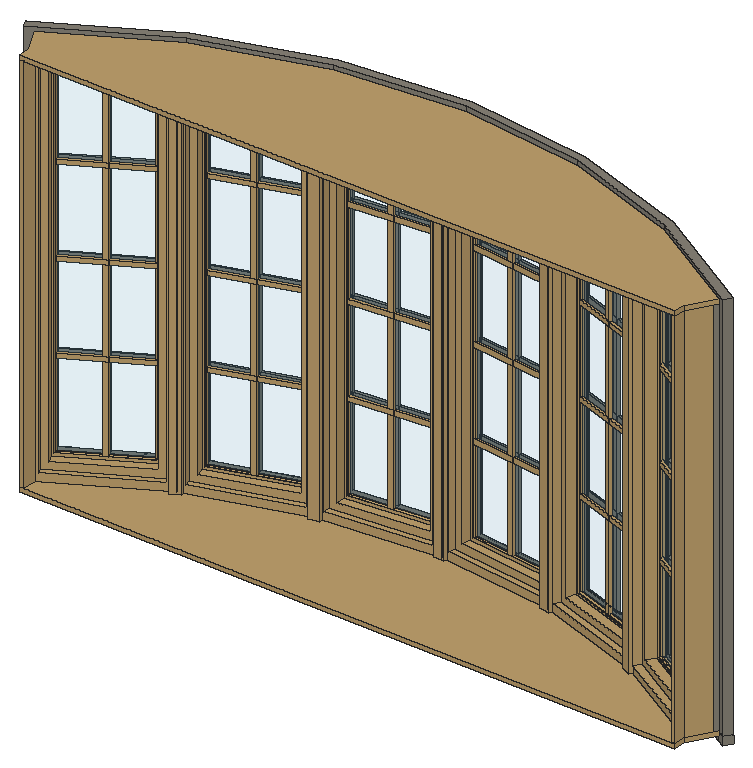
Revit family (continued)
Definition of nested family "Window-Casement-Marvin-Clad_Ultimate"
  Definition of nested family "Muntins"
    Dimensions and locks
      "GlazingWidth": plane 12 to plane 11
      equal spacing: plane 12, plane 3 "Center (Left/Right)", plane 11
      "MuntinWidth": Extrusion 1 sketch curve to Extrusion 1 sketch curve
      "Height": Extrusion 1 sketch curve to Extrusion 1 sketch curve
      "MuntinWidth": Extrusion 2 sketch curve to Extrusion 2 sketch curve
      "Width": Extrusion 2 sketch curve to Extrusion 2 sketch curve
      "MuntinWidth": Extrusion 3 sketch curve to Extrusion 3 sketch curve
      "Height": Extrusion 3 sketch curve to Extrusion 3 sketch curve
      "Width": plane 15 to plane 14
      equal spacing: plane 15, plane 3 "Center (Left/Right)", plane 14
      "Inset Vert": plane 13 to plane 14
      "Inset Vert": plane 15 to plane 16
      "MuntinWidth": Extrusion 4 sketch curve to Extrusion 4 sketch curve
      "Width": Extrusion 4 sketch curve to Extrusion 4 sketch curve
      "MuntinWidth": Extrusion 5 sketch curve to Extrusion 5 sketch curve
      "Width": Extrusion 5 sketch curve to Extrusion 5 sketch curve
      group 2 to group 3 = 0' - 0"  (x2)
      group 3 to group 2 = 0' - 11.85417"
      "MuntinWidth": Extrusion 6 sketch curve to Extrusion 6 sketch curve
      "Height": Extrusion 6 sketch curve to Extrusion 6 sketch curve
      group 4 to group 5 = 0' - 8.14583"
      group 4 to group 5 = 0' - 0"  (x2)
      "Prairie Corner Width": plane 19 to plane 11
      "Prairie Corner Width": plane 20 to plane 12
      "Prairie Corner Height": plane 9 to plane 17
      "Prairie Corner Height": plane 18 to plane 10
      "MuntinWidth": Extrusion 7 sketch curve to Extrusion 7 sketch curve
      "Height": Extrusion 7 sketch curve to Extrusion 7 sketch curve
      "MuntinWidth": Extrusion 8 sketch curve to Extrusion 8 sketch curve
      "Height": Extrusion 8 sketch curve to Extrusion 8 sketch curve
      "MuntinWidth": Extrusion 9 sketch curve to Extrusion 9 sketch curve
      "Width": Extrusion 9 sketch curve to Extrusion 9 sketch curve
      "MuntinWidth": Extrusion 10 sketch curve to Extrusion 10 sketch curve
      "Width": Extrusion 10 sketch curve to Extrusion 10 sketch curve
      aligned and locked: plane 6 to Extrusion 1  (x2)
      aligned and locked: Extrusion 1 to plane 4  (x3)
      aligned and locked: Extrusion 3 to plane 13  (x5)
      aligned and locked: Extrusion 3 to plane 4  (x3)
      aligned and locked: Extrusion 2 to plane 14
      aligned and locked: plane 15 to Extrusion 2
      aligned and locked: plane 6 to Extrusion 3
      aligned and locked: plane 7 to Extrusion 4
      aligned and locked: Extrusion 4 to plane 14
      aligned and locked: plane 15 to Extrusion 4
      aligned and locked: curve 1 to plane 5
      aligned and locked: plane 14 to curve 1
      aligned and locked: plane 15 to curve 1
      aligned and locked: Extrusion 5 to plane 14
      aligned and locked: Extrusion 5 to plane 8
      aligned and locked: plane 15 to Extrusion 5
      aligned and locked: Extrusion 5 to curve 3  (x2)
      aligned and locked: Extrusion 4 to curve 2  (x2)
      aligned and locked: curve 4 to plane 3 "Center (Left/Right)"
      aligned and locked: Extrusion 1 to curve 4  (x2)
      aligned and locked: Extrusion 3 to curve 5  (x2)
      aligned and locked: Extrusion 6 to curve 6  (x2)
      aligned and locked: Extrusion 6 to plane 16
      aligned and locked: plane 6 to Extrusion 6
      aligned and locked: plane 6 to curve 6
      aligned and locked: Extrusion 6 to plane 4
      aligned and locked: plane 4 to curve 6
      aligned and locked: cut or joined group of Extrusion 7, Extrusion 8, Extrusion 9, Extrusion 10 to plane 19
      aligned and locked: plane 20 to cut or joined group of Extrusion 7, Extrusion 8, Extrusion 9, Extrusion 10
      aligned and locked: plane 17 to cut or joined group of Extrusion 7, Extrusion 8, Extrusion 9, Extrusion 10
      aligned and locked: cut or joined group of Extrusion 7, Extrusion 8, Extrusion 9, Extrusion 10 to plane 18
      aligned and locked: cut or joined group of Extrusion 7, Extrusion 8, Extrusion 9, Extrusion 10 to curve 7  (x2)
      aligned and locked: cut or joined group of Extrusion 7, Extrusion 8, Extrusion 9, Extrusion 10 to curve 8  (x2)
      aligned and locked: cut or joined group of Extrusion 7, Extrusion 8, Extrusion 9, Extrusion 10 to curve 9  (x2)
      aligned and locked: cut or joined group of Extrusion 7, Extrusion 8, Extrusion 9, Extrusion 10 to curve 10  (x2)
    Automatic sketch dimensions
      Extrusion 1 sketch curve to plane 4 = 0' - 0"
      Extrusion 1 sketch curve to plane 3 "Center (Left/Right)" = 0' - 0 3/8"
      Extrusion 2 sketch curve to plane 14 = 0' - 0"
      Extrusion 2 sketch curve to plane 5 = 0' - 0 3/8"
      Extrusion 7 sketch curve to plane 4 = 0' - 0"
      Extrusion 7 sketch curve to plane 19 = 0' - 0"
      Extrusion 8 sketch curve to plane 4 = 0' - 0"
      Extrusion 8 sketch curve to plane 20 = 0' - 0 3/4"
      Extrusion 9 sketch curve to plane 14 = 0' - 0"
      Extrusion 9 sketch curve to plane 17 = 0' - 0 3/4"
      Extrusion 10 sketch curve to plane 14 = 0' - 0"
      Extrusion 10 sketch curve to plane 18 = 0' - 0"
      plane 19 to curve 9 = 0' - 0 3/8"
      curve 10 to plane 20 = 0' - 0 3/8"
      plane 18 to curve 8 = 0' - 0 3/8"
      curve 7 to plane 17 = 0' - 0 3/8"
Definition of nested family "Label Annotation 1-16 w4"
  Parameters
    Nominal Width = 6' - 10.31403"
    Nominal Height = 5' - 0 1/2"
    Label = ""
    Egress Info = "EGRESS WDW"
    Description = "CSMT BAY"
  Reference planes
    plane 1: y = 0
    plane 2: x = 0
  Text (mm)
    label "Nominal Width X  Nominal Height\n\nDescription\n\nEgress Info" at (0.095, -0.088, 0), shows "Nominal Width", "Nominal Height", "Description", "Egress Info"
Definition of nested family "Bow_Section_Detail"
  Parameters (values of type "Casement_Section_Detail")
    Height = 4' - 11 1/8"
    Assembly Code = ""
  Reference planes
    plane 1 "Center (Front/Back)": y = 0
    plane 2: z = 0
    plane 3 "Center (Left/Right)": x = 0
    plane 4: y = 1501.775
  Lines and regions (mm)
    detail lines, style "Cut Lines", in view "Ref. Level"
      curve 1: line (19.018, 59.766, 0) -> (19.018, 1442.009, 0)
      curve 2: line (22.015, 59.766, 0) -> (22.015, 1442.009, 0)
      curve 3: line (35.071, 59.766, 0) -> (35.071, 1442.009, 0)
      curve 4: line (38.068, 59.766, 0) -> (38.068, 1442.009, 0)
  Dimensions and locks
    "Height": plane 4 to plane 1 "Center (Front/Back)"
    aligned and locked: plane 1 "Center (Front/Back)" to nested 1
    aligned and locked: plane 3 "Center (Left/Right)" to nested 1
    aligned and locked: nested 2 to plane 4
    aligned and locked: plane 3 "Center (Left/Right)" to nested 2
    aligned and locked: curve 1 to nested 1  (x2)
    aligned and locked: nested 1 to curve 2
    aligned and locked: curve 2 to nested 1
    aligned and locked: curve 3 to nested 1  (x2)
    aligned and locked: nested 1 to curve 4
    aligned and locked: curve 4 to nested 1
  Automatic sketch dimensions
    curve 3 to plane 4 = 0' - 2.353"
    curve 2 to curve 3 = 0' - 0"
    curve 4 to curve 3 = 0' - 0"
    curve 1 to curve 2 = 0' - 0"
  Nested families
    nested 1: "Sill_Detail" at (0, 0, 0), type "Sill_Detail", in view "Ref. Level"
      with Screen no
    nested 2: "Head_Detail" at (0, 1501.775, 0), type "Head_Detail", in view "Ref. Level"
      with Screen no
  Definition of nested family "Sill_Detail"
    Parameters (values of type "Jamb_Detail")
      Screen [instance] = yes
      Assembly Code = ""
    Reference planes
      plane 1 "Center (Front/Back)": y = 0
      plane 2: z = 0
      plane 3 "Center (Left/Right)": x = 0
    Lines and regions (mm)
      detail lines, style "Cut Lines", in view "Ref. Level"
        curve 1: line (115.875, 0, 0) -> (115.875, 30.175, 0)
        curve 2: line (-27.788, 0, 0) -> (115.875, 0, 0)
        curve 3: line (115.875, 30.175, 0) -> (19.354, 30.175, 0)
        curve 4: line (-27.788, 13.235, 0) -> (-27.788, 0, 0)
        curve 5: line (14.328, 16.18, 0) -> (-27.788, 13.235, 0)
        curve 6: line (14.328, 16.18, 0) -> (50.47, 16.18, 0)
        curve 7: line (87.971, 30.175, 0) -> (87.971, 53.721, 0)
        curve 8: line (87.971, 53.721, 0) -> (72.79, 53.721, 0)
        curve 9: line (72.79, 58.467, 0) -> (59.537, 58.467, 0)
        curve 10: line (59.537, 63.221, 0) -> (50.47, 63.221, 0)
        curve 11: line (72.79, 53.721, 0) -> (72.79, 58.467, 0)
        curve 12: line (19.354, 20.447, 0) -> (19.354, 30.175, 0)
        curve 13: line (9.296, 20.447, 0) -> (19.354, 20.447, 0)
        curve 14: line (9.296, 68.478, 0) -> (9.296, 20.447, 0)
        curve 15: line (12.309, 68.478, 0) -> (9.296, 68.478, 0)
        curve 16: line (17.389, 73.558, 0) -> (12.309, 68.478, 0)
        curve 17: line (18.135, 56.083, 0) -> (18.135, 73.558, 0)
        curve 18: line (38.176, 56.083, 0) -> (18.135, 56.083, 0)
        curve 19: line (38.176, 73.558, 0) -> (38.176, 56.083, 0)
        curve 20: line (42.519, 73.558, 0) -> (38.176, 73.558, 0)
        curve 21: line (50.47, 67.996, 0) -> (48.082, 67.996, 0)
        curve 22: line (50.47, 16.18, 0) -> (50.47, 67.996, 0)
        curve 23: line (18.135, 73.558, 0) -> (17.389, 73.558, 0)
        curve 24: line (48.082, 67.996, 0) -> (42.519, 73.558, 0)
        curve 34: line (35.071, 59.766, 0) -> (38.068, 59.766, 0)
        curve 35: line (22.015, 62.941, 0) -> (35.071, 62.941, 0)
        curve 36: line (22.193, 69.291, 0) -> (34.893, 69.291, 0)
        curve 37: line (19.018, 59.766, 0) -> (22.015, 59.766, 0)
        curve 38: line (59.537, 58.467, 0) -> (59.537, 63.221, 0)
      detail lines, style "Cut Lines", in view "Ref. Level", visible <- "Screen"
        curve 25: line (69.062, 58.467, 0) -> (69.062, 75.823, 0)
        curve 26: line (59.537, 73.181, 0) -> (59.537, 58.467, 0)
        curve 27: line (65.297, 73.181, 0) -> (59.537, 73.181, 0)
        curve 28: line (65.297, 76.28, 0) -> (65.297, 73.181, 0)
        curve 29: line (66.522, 78.109, 0) -> (60.147, 78.109, 0)
        curve 30: line (60.147, 76.28, 0) -> (65.297, 76.28, 0)
        curve 31: line (60.147, 76.28, 0) -> (60.147, 78.109, 0)
        curve 32: line (69.062, 75.823, 0) -> (66.522, 75.823, 0)
        curve 33: line (66.522, 75.823, 0) -> (66.522, 78.109, 0)
  Definition of nested family "Head_Detail"
    Parameters (values of type "Jamb_Detail")
      Screen [instance] = yes
      Assembly Code = ""
    Reference planes
      plane 1 "Center (Front/Back)": y = 0
      plane 2: z = 0
      plane 3 "Center (Left/Right)": x = 0
    Lines and regions (mm)
      detail lines, style "Cut Lines", in view "Ref. Level"
        curve 1: line (115.875, 0, 0) -> (115.875, -30.175, 0)
        curve 2: line (-27.788, 0, 0) -> (115.875, 0, 0)
        curve 3: line (115.875, -30.175, 0) -> (19.354, -30.175, 0)
        curve 4: line (-27.788, -13.235, 0) -> (-27.788, 0, 0)
        curve 5: line (14.328, -16.18, 0) -> (-27.788, -13.235, 0)
        curve 6: line (14.328, -16.18, 0) -> (50.47, -16.18, 0)
        curve 7: line (87.971, -30.175, 0) -> (87.971, -53.721, 0)
        curve 8: line (87.971, -53.721, 0) -> (72.79, -53.721, 0)
        curve 9: line (72.79, -58.467, 0) -> (59.537, -58.467, 0)
        curve 10: line (59.537, -63.221, 0) -> (50.47, -63.221, 0)
        curve 11: line (72.79, -53.721, 0) -> (72.79, -58.467, 0)
        curve 12: line (19.354, -20.447, 0) -> (19.354, -30.175, 0)
        curve 13: line (9.296, -20.447, 0) -> (19.354, -20.447, 0)
        curve 14: line (9.296, -68.478, 0) -> (9.296, -20.447, 0)
        curve 15: line (12.309, -68.478, 0) -> (9.296, -68.478, 0)
        curve 16: line (17.389, -73.558, 0) -> (12.309, -68.478, 0)
        curve 17: line (18.135, -56.083, 0) -> (18.135, -73.558, 0)
        curve 18: line (38.176, -56.083, 0) -> (18.135, -56.083, 0)
        curve 19: line (38.176, -73.558, 0) -> (38.176, -56.083, 0)
        curve 20: line (42.519, -73.558, 0) -> (38.176, -73.558, 0)
        curve 21: line (50.47, -67.996, 0) -> (48.082, -67.996, 0)
        curve 22: line (50.47, -16.18, 0) -> (50.47, -67.996, 0)
        curve 23: line (18.135, -73.558, 0) -> (17.389, -73.558, 0)
        curve 24: line (48.082, -67.996, 0) -> (42.519, -73.558, 0)
        curve 34: line (35.071, -59.766, 0) -> (38.068, -59.766, 0)
        curve 35: line (22.015, -62.941, 0) -> (35.071, -62.941, 0)
        curve 36: line (22.193, -69.291, 0) -> (34.893, -69.291, 0)
        curve 37: line (19.018, -59.766, 0) -> (22.015, -59.766, 0)
        curve 38: line (59.537, -58.467, 0) -> (59.537, -63.221, 0)
      detail lines, style "Cut Lines", in view "Ref. Level", visible <- "Screen"
        curve 25: line (69.062, -58.467, 0) -> (69.062, -75.823, 0)
        curve 26: line (59.537, -73.181, 0) -> (59.537, -58.467, 0)
        curve 27: line (65.297, -73.181, 0) -> (59.537, -73.181, 0)
        curve 28: line (65.297, -76.28, 0) -> (65.297, -73.181, 0)
        curve 29: line (66.522, -78.109, 0) -> (60.147, -78.109, 0)
        curve 30: line (60.147, -76.28, 0) -> (65.297, -76.28, 0)
        curve 31: line (60.147, -76.28, 0) -> (60.147, -78.109, 0)
        curve 32: line (69.062, -75.823, 0) -> (66.522, -75.823, 0)
        curve 33: line (66.522, -75.823, 0) -> (66.522, -78.109, 0)
Definition of nested family "Bow_Plan_Detail"
  Parameters (values of type "Casement_Plan_Detail")
    Unit Width = 1' - 6"
    Assembly Code = ""
  Reference planes
    plane 1 "Center (Front/Back)": y = 0
    plane 2: z = 0
    plane 3 "Center (Left/Right)": x = 0
  Lines and regions (mm)
    reference lines, in view "Ref. Level"
      curve 1: line (-1285.465, 0, 0) -> (1285.465, 0, 0)
      curve 2: line (0, 417.673, 0) -> (-454.695, 369.883, 0)
      curve 3: line (0, 417.673, 0) -> (454.695, 369.883, 0)
      curve 4: line (-454.695, 369.883, 0) -> (-889.518, 228.6, 0)
      curve 5: line (454.695, 369.883, 0) -> (889.518, 228.6, 0)
      curve 6: line (-889.518, 228.6, 0) -> (-1285.465, 0, 0)
      curve 7: line (889.518, 228.6, 0) -> (1285.465, 0, 0)
    detail lines, style "Cut Lines", in view "Ref. Level", detail levels fine
      curve 8: line (-1282.134, 113.763, 0) -> (-989.706, 282.597, 0)
      curve 9: line (-1280.636, 111.168, 0) -> (-988.207, 280.001, 0)
      curve 10: line (-1274.108, 99.861, 0) -> (-981.679, 268.695, 0)
      curve 11: line (-1272.609, 97.265, 0) -> (-980.181, 266.099, 0)
      curve 12: line (-862.608, 339.185, 0) -> (-541.467, 443.53, 0)
      curve 13: line (-861.682, 336.334, 0) -> (-540.541, 440.679, 0)
      curve 14: line (-857.647, 323.918, 0) -> (-536.506, 428.263, 0)
      curve 15: line (-856.721, 321.067, 0) -> (-535.58, 425.412, 0)
      curve 16: line (-405.381, 472.456, 0) -> (-69.563, 507.752, 0)
      curve 17: line (-405.068, 469.475, 0) -> (-69.25, 504.771, 0)
      curve 18: line (-403.703, 456.491, 0) -> (-67.885, 491.787, 0)
      curve 19: line (-403.39, 453.51, 0) -> (-67.572, 488.806, 0)
      curve 20: line (1282.134, 113.763, 0) -> (989.706, 282.597, 0)
      curve 21: line (1280.636, 111.168, 0) -> (988.207, 280.001, 0)
      curve 22: line (1274.108, 99.861, 0) -> (981.679, 268.695, 0)
      curve 23: line (1272.609, 97.265, 0) -> (980.181, 266.099, 0)
      curve 24: line (862.608, 339.185, 0) -> (541.467, 443.53, 0)
      curve 25: line (861.682, 336.334, 0) -> (540.541, 440.679, 0)
      curve 26: line (857.647, 323.918, 0) -> (536.506, 428.263, 0)
      curve 27: line (856.721, 321.067, 0) -> (535.58, 425.412, 0)
      curve 28: line (405.381, 472.456, 0) -> (69.563, 507.752, 0)
      curve 29: line (405.068, 469.475, 0) -> (69.25, 504.771, 0)
      curve 30: line (403.703, 456.491, 0) -> (67.885, 491.787, 0)
      curve 31: line (403.39, 453.51, 0) -> (67.572, 488.806, 0)
      curve 135: line (961.35, 353.015, 0) -> (948.273, 360.565, 0)
      curve 136: line (933.913, 365.231, 0) -> (948.273, 360.565, 0)
      curve 137: line (499.09, 506.514, 0) -> (484.729, 511.18, 0)
      curve 138: line (469.712, 512.758, 0) -> (484.729, 511.18, 0)
      curve 139: line (15.017, 560.548, 0) -> (0, 562.127, 0)
      curve 140: line (-15.017, 560.548, 0) -> (0, 562.127, 0)
      curve 141: line (-499.09, 506.514, 0) -> (-484.729, 511.18, 0)
      curve 142: line (-469.712, 512.758, 0) -> (-484.729, 511.18, 0)
      curve 143: line (-933.913, 365.231, 0) -> (-948.273, 360.565, 0)
      curve 144: line (-961.35, 353.015, 0) -> (-948.273, 360.565, 0)
    detail lines, style "DetailComponentsHiddenLines", in view "Ref. Level", detail levels fine
      curve 32: line (1245.685, 87.316, 0) -> (985.027, 237.807, 0)
      curve 33: line (-1245.685, 87.316, 0) -> (-985.027, 237.807, 0)
    detail lines, style "Panel Cut", in view "Ref. Level", detail levels coarse+medium
      curve 34: line (-1357.296, 124.415, 0) -> (-1285.465, 0, 0)
      curve 35: line (-1331.164, 139.503, 0) -> (-1357.296, 124.415, 0)
      curve 36: line (-1259.333, 15.088, 0) -> (-1331.164, 139.503, 0)
      curve 37: line (-1285.465, 0, 0) -> (-1259.333, 15.088, 0)
      curve 38: line (-1292.035, 71.73, 0) -> (-1254.464, 93.422, 0)
      curve 39: line (-1275.051, 129.079, 0) -> (-1312.622, 107.387, 0)
      curve 40: line (-1254.464, 93.422, 0) -> (-1275.051, 129.079, 0)
      curve 41: line (-985.924, 248.463, 0) -> (-1006.511, 284.12, 0)
      curve 42: line (-1006.511, 284.12, 0) -> (-968.94, 305.812, 0)
      curve 43: line (-948.353, 270.155, 0) -> (-985.924, 248.463, 0)
      curve 44: line (-915.651, 213.512, 0) -> (-987.482, 337.928, 0)
      curve 45: line (-889.518, 228.6, 0) -> (-915.651, 213.512, 0)
      curve 46: line (-961.35, 353.015, 0) -> (-889.518, 228.6, 0)
      curve 47: line (-987.482, 337.928, 0) -> (-948.273, 360.565, 0)
      curve 48: line (-1264.758, 111.25, 0) -> (-996.218, 266.292, 0)
      curve 51: line (-933.913, 365.231, 0) -> (-889.518, 228.6, 0)
      curve 52: line (-905.214, 374.556, 0) -> (-948.273, 360.565, 0)
      curve 53: line (-860.82, 237.925, 0) -> (-905.214, 374.556, 0)
      curve 54: line (-889.518, 228.6, 0) -> (-860.82, 237.925, 0)
      curve 55: line (-881.031, 300.129, 0) -> (-839.772, 313.535, 0)
      curve 56: line (-852.495, 352.693, 0) -> (-893.755, 339.287, 0)
      curve 57: line (-839.772, 313.535, 0) -> (-852.495, 352.693, 0)
      curve 58: line (-544.865, 409.356, 0) -> (-557.588, 448.514, 0)
      curve 59: line (-557.588, 448.514, 0) -> (-516.328, 461.92, 0)
      curve 60: line (-503.605, 422.762, 0) -> (-544.865, 409.356, 0)
      curve 61: line (-483.394, 360.558, 0) -> (-527.788, 497.189, 0)
      curve 62: line (-454.695, 369.883, 0) -> (-483.394, 360.558, 0)
      curve 63: line (-499.09, 506.514, 0) -> (-454.695, 369.883, 0)
      curve 64: line (-527.788, 497.189, 0) -> (-484.729, 511.18, 0)
      curve 67: line (-469.712, 512.758, 0) -> (-454.695, 369.883, 0)
      curve 68: line (-439.702, 515.912, 0) -> (-484.729, 511.18, 0)
      curve 69: line (-454.695, 369.883, 0) -> (-424.686, 373.037, 0)
      curve 70: line (-424.686, 373.037, 0) -> (-439.702, 515.912, 0)
      curve 71: line (-392.68, 483.566, 0) -> (-435.826, 479.031, 0)
      curve 72: line (-431.522, 438.083, 0) -> (-388.377, 442.618, 0)
      curve 73: line (-388.377, 442.618, 0) -> (-392.68, 483.566, 0)
      curve 74: line (-45.027, 557.394, 0) -> (0, 562.127, 0)
      curve 75: line (-15.017, 560.548, 0) -> (0, 417.673, 0)
      curve 76: line (0, 417.673, 0) -> (-30.01, 414.519, 0)
      curve 77: line (-30.01, 414.519, 0) -> (-45.027, 557.394, 0)
      curve 78: line (-36.847, 479.566, 0) -> (-79.992, 475.031, 0)
      curve 79: line (-79.992, 475.031, 0) -> (-84.296, 515.979, 0)
      curve 80: line (-84.296, 515.979, 0) -> (-41.15, 520.513, 0)
      curve 81: line (-390.529, 463.092, 0) -> (-82.144, 495.505, 0)
      curve 84: line (-846.133, 333.114, 0) -> (-551.227, 428.935, 0)
      curve 85: line (45.027, 557.394, 0) -> (0, 562.127, 0)
      curve 86: line (15.017, 560.548, 0) -> (0, 417.673, 0)
      curve 87: line (0, 417.673, 0) -> (30.01, 414.519, 0)
      curve 88: line (30.01, 414.519, 0) -> (45.027, 557.394, 0)
      curve 89: line (36.847, 479.566, 0) -> (79.992, 475.031, 0)
      curve 90: line (84.296, 515.979, 0) -> (41.15, 520.513, 0)
      curve 91: line (79.992, 475.031, 0) -> (84.296, 515.979, 0)
      curve 92: line (388.377, 442.618, 0) -> (392.68, 483.566, 0)
      curve 93: line (392.68, 483.566, 0) -> (435.826, 479.031, 0)
      curve 94: line (431.522, 438.083, 0) -> (388.377, 442.618, 0)
      curve 95: line (424.686, 373.037, 0) -> (439.702, 515.912, 0)
      curve 96: line (454.695, 369.883, 0) -> (424.686, 373.037, 0)
      curve 97: line (469.712, 512.758, 0) -> (454.695, 369.883, 0)
      curve 98: line (439.702, 515.912, 0) -> (484.729, 511.18, 0)
      curve 99: line (82.144, 495.505, 0) -> (390.529, 463.092, 0)
      curve 102: line (527.788, 497.189, 0) -> (484.729, 511.18, 0)
      curve 103: line (499.09, 506.514, 0) -> (454.695, 369.883, 0)
      curve 104: line (454.695, 369.883, 0) -> (483.394, 360.558, 0)
      curve 105: line (483.394, 360.558, 0) -> (527.788, 497.189, 0)
      curve 106: line (503.605, 422.762, 0) -> (544.865, 409.356, 0)
      curve 107: line (557.588, 448.514, 0) -> (516.328, 461.92, 0)
      curve 108: line (544.865, 409.356, 0) -> (557.588, 448.514, 0)
      curve 109: line (839.772, 313.535, 0) -> (852.495, 352.693, 0)
      curve 110: line (881.031, 300.129, 0) -> (839.772, 313.535, 0)
      curve 111: line (852.495, 352.693, 0) -> (893.755, 339.287, 0)
      curve 112: line (860.82, 237.925, 0) -> (905.214, 374.556, 0)
      curve 113: line (889.518, 228.6, 0) -> (860.82, 237.925, 0)
      curve 114: line (933.913, 365.231, 0) -> (889.518, 228.6, 0)
      curve 115: line (905.214, 374.556, 0) -> (948.273, 360.565, 0)
      curve 116: line (551.227, 428.935, 0) -> (846.133, 333.114, 0)
      curve 119: line (961.35, 353.015, 0) -> (889.518, 228.6, 0)
      curve 120: line (889.518, 228.6, 0) -> (915.651, 213.512, 0)
      curve 121: line (915.651, 213.512, 0) -> (987.482, 337.928, 0)
      curve 122: line (948.353, 270.155, 0) -> (985.924, 248.463, 0)
      curve 123: line (985.924, 248.463, 0) -> (1006.511, 284.12, 0)
      curve 124: line (1006.511, 284.12, 0) -> (968.94, 305.812, 0)
      curve 125: line (1331.164, 139.503, 0) -> (1357.296, 124.415, 0)
      curve 126: line (1275.051, 129.079, 0) -> (1312.622, 107.387, 0)
      curve 127: line (1254.464, 93.422, 0) -> (1275.051, 129.079, 0)
      curve 128: line (1292.035, 71.73, 0) -> (1254.464, 93.422, 0)
      curve 129: line (1259.333, 15.088, 0) -> (1331.164, 139.503, 0)
      curve 130: line (1285.465, 0, 0) -> (1259.333, 15.088, 0)
      curve 131: line (987.482, 337.928, 0) -> (948.273, 360.565, 0)
      curve 132: line (996.218, 266.292, 0) -> (1264.758, 111.25, 0)
      curve 145: line (1357.296, 124.415, 0) -> (1285.465, 0, 0)
    detail lines, in view "Ref. Level", detail levels coarse+medium
      curve 49: line (-1275.051, 129.079, 0) -> (-1006.511, 284.12, 0)
      curve 50: line (-1254.464, 93.422, 0) -> (-985.924, 248.463, 0)
      curve 65: line (-852.495, 352.693, 0) -> (-557.588, 448.514, 0)
      curve 66: line (-839.772, 313.535, 0) -> (-544.865, 409.356, 0)
      curve 82: line (-392.68, 483.566, 0) -> (-84.296, 515.979, 0)
      curve 83: line (-388.377, 442.618, 0) -> (-79.992, 475.031, 0)
      curve 100: line (84.296, 515.979, 0) -> (392.68, 483.566, 0)
      curve 101: line (79.992, 475.031, 0) -> (388.377, 442.618, 0)
      curve 117: line (557.588, 448.514, 0) -> (852.495, 352.693, 0)
      curve 118: line (544.865, 409.356, 0) -> (839.772, 313.535, 0)
      curve 133: line (1006.511, 284.12, 0) -> (1275.051, 129.079, 0)
      curve 134: line (985.924, 248.463, 0) -> (1254.464, 93.422, 0)
  Dimensions and locks
    equal spacing: curve 1, plane 3 "Center (Left/Right)", curve 1
    "Unit Width": curve 2 to curve 2
    "Unit Width": curve 3 to curve 3
    "Unit Width": curve 4 to curve 4
    "Unit Width": curve 5 to curve 5
    "Unit Width": curve 6 to curve 6
    "Unit Width": curve 7 to curve 7
    equal spacing: curve 50, curve 48, curve 49
    equal spacing: curve 66, curve 84, curve 65
    equal spacing: curve 83, curve 81, curve 82
    equal spacing: curve 101, curve 99, curve 100
    equal spacing: curve 118, curve 116, curve 117
    equal spacing: curve 134, curve 132, curve 133, locked at 20.587 each
    locked: curve 2 to curve 3 (angle 168.00°)
    locked: curve 4 to curve 2 (angle 168.00°)
    locked: curve 3 to curve 5 (angle 168.00°)
    locked: curve 6 to curve 4 (angle 168.00°)
    locked: curve 5 to curve 7 (angle 168.00°)
    aligned and locked: plane 1 "Center (Front/Back)" to curve 1  (x2)
    aligned and locked: curve 7 to curve 1
    aligned and locked: nested 8 to curve 4  (x2)
    aligned and locked: curve 4 to nested 5
    aligned and locked: nested 7 to curve 6
    aligned and locked: curve 6 to nested 6
    aligned and locked: nested 9 to curve 2  (x2)
    aligned and locked: curve 2 to nested 4
    aligned and locked: curve 3 to nested 10
    aligned and locked: nested 3 to curve 3  (x2)
    aligned and locked: curve 5 to nested 11
    aligned and locked: nested 2 to curve 5  (x2)
    aligned and locked: curve 7 to nested 12
    aligned and locked: nested 1 to curve 7
    aligned and locked: nested 1 to curve 1
    aligned and locked: nested 12 to curve 7
    aligned and locked: nested 11 to curve 5
    aligned and locked: nested 10 to curve 3
    aligned and locked: nested 4 to curve 2
    aligned and locked: nested 5 to curve 4
    aligned and locked: nested 7 to curve 1
    aligned and locked: nested 6 to curve 6
    aligned and locked: curve 8 to nested 7  (x2)
    aligned and locked: nested 7 to curve 9
    aligned and locked: curve 10 to nested 7  (x2)
    aligned and locked: nested 7 to curve 11
    aligned and locked: curve 8 to nested 6  (x2)
    aligned and locked: nested 6 to curve 9
    aligned and locked: nested 6 to curve 10
    aligned and locked: nested 6 to curve 11
    aligned and locked: curve 9 to nested 6
    aligned and locked: curve 10 to nested 6
    aligned and locked: curve 11 to nested 6
    aligned and locked: curve 12 to nested 8  (x2)
    aligned and locked: nested 8 to curve 13
    aligned and locked: curve 14 to nested 8  (x2)
    aligned and locked: nested 8 to curve 15
    aligned and locked: curve 12 to nested 5  (x2)
    aligned and locked: curve 13 to nested 5
    aligned and locked: curve 14 to nested 5
    aligned and locked: curve 15 to nested 5
    aligned and locked: nested 5 to curve 13
    aligned and locked: nested 5 to curve 14
    aligned and locked: nested 5 to curve 15
    aligned and locked: curve 9 to nested 7
    aligned and locked: curve 11 to nested 7
    aligned and locked: curve 13 to nested 8
    aligned and locked: curve 15 to nested 8
    aligned and locked: curve 16 to nested 9  (x2)
    aligned and locked: curve 17 to nested 9
    aligned and locked: curve 18 to nested 9
    aligned and locked: curve 19 to nested 9
    aligned and locked: nested 9 to curve 17
    aligned and locked: nested 9 to curve 18
    aligned and locked: nested 9 to curve 19
    aligned and locked: curve 16 to nested 4  (x2)
    aligned and locked: curve 17 to nested 4
    aligned and locked: curve 18 to nested 4
    aligned and locked: curve 19 to nested 4
    aligned and locked: nested 4 to curve 17
    aligned and locked: nested 4 to curve 18
    aligned and locked: nested 4 to curve 19
    aligned and locked: curve 28 to nested 10  (x2)
    aligned and locked: curve 29 to nested 10
    aligned and locked: curve 30 to nested 10
    aligned and locked: curve 31 to nested 10
    aligned and locked: nested 10 to curve 29
    aligned and locked: nested 10 to curve 30
    aligned and locked: nested 10 to curve 31
    aligned and locked: curve 28 to nested 3  (x2)
    aligned and locked: curve 29 to nested 3
    aligned and locked: curve 30 to nested 3
    aligned and locked: curve 31 to nested 3
    aligned and locked: nested 3 to curve 29
    aligned and locked: nested 3 to curve 30
    aligned and locked: nested 3 to curve 31
    aligned and locked: curve 24 to nested 11  (x2)
    aligned and locked: nested 11 to curve 25
    aligned and locked: nested 11 to curve 26
    aligned and locked: nested 11 to curve 27
    aligned and locked: curve 25 to nested 11
    aligned and locked: curve 26 to nested 11
    aligned and locked: curve 27 to nested 11
    aligned and locked: curve 24 to nested 2  (x2)
    aligned and locked: curve 25 to nested 2
    aligned and locked: curve 26 to nested 2
    aligned and locked: curve 27 to nested 2
    aligned and locked: nested 2 to curve 25
    aligned and locked: nested 2 to curve 26
    aligned and locked: nested 2 to curve 27
    aligned and locked: curve 20 to nested 12  (x2)
    aligned and locked: nested 12 to curve 21
    aligned and locked: nested 12 to curve 22
    aligned and locked: nested 12 to curve 23
    aligned and locked: curve 21 to nested 12
    aligned and locked: curve 22 to nested 12
    aligned and locked: curve 23 to nested 12
    aligned and locked: curve 20 to nested 1  (x2)
    aligned and locked: curve 21 to nested 1
    aligned and locked: curve 22 to nested 1
    aligned and locked: curve 23 to nested 1
    aligned and locked: nested 1 to curve 21
    aligned and locked: nested 1 to curve 22
    aligned and locked: nested 1 to curve 23
    aligned and locked: nested 1 to curve 32  (x2)
    aligned and locked: curve 32 to nested 12
    aligned and locked: nested 12 to curve 32
    aligned and locked: curve 33 to nested 6
    aligned and locked: nested 6 to curve 33
    aligned and locked: nested 7 to curve 33  (x2)
    aligned and locked: curve 34 to nested 7
    aligned and locked: curve 35 to nested 7
    aligned and locked: curve 36 to nested 7
    aligned and locked: curve 37 to nested 7
    aligned and locked: nested 7 to curve 38
    aligned and locked: curve 39 to nested 7
    aligned and locked: curve 40 to nested 7
    aligned and locked: curve 41 to nested 6
    aligned and locked: curve 42 to nested 6
    aligned and locked: nested 6 to curve 43
    aligned and locked: curve 44 to nested 6
    aligned and locked: curve 45 to nested 6
    aligned and locked: curve 46 to nested 6
    aligned and locked: curve 47 to nested 6
    aligned and locked: curve 51 to nested 8
    aligned and locked: curve 52 to nested 8
    aligned and locked: curve 53 to nested 8
    aligned and locked: curve 54 to nested 8
    aligned and locked: nested 8 to curve 55
    aligned and locked: curve 56 to nested 8
    aligned and locked: curve 57 to nested 8
    aligned and locked: curve 58 to nested 5
    aligned and locked: curve 59 to nested 5
    aligned and locked: nested 5 to curve 60
    aligned and locked: curve 61 to nested 5
    aligned and locked: curve 62 to nested 5
    aligned and locked: curve 63 to nested 5
    aligned and locked: curve 64 to nested 5
    aligned and locked: curve 67 to nested 9
    aligned and locked: curve 68 to nested 9
    aligned and locked: curve 69 to nested 9
    aligned and locked: curve 70 to nested 9
    aligned and locked: curve 71 to nested 9
    aligned and locked: nested 9 to curve 72
    aligned and locked: curve 73 to nested 9
    aligned and locked: curve 74 to nested 4
    aligned and locked: curve 75 to nested 4
    aligned and locked: curve 76 to nested 4
    aligned and locked: curve 77 to nested 4
    aligned and locked: nested 4 to curve 78
    aligned and locked: curve 79 to nested 4
    aligned and locked: curve 80 to nested 4
    aligned and locked: curve 85 to nested 10
    aligned and locked: curve 86 to nested 10
    aligned and locked: curve 87 to nested 10
    aligned and locked: curve 88 to nested 10
    aligned and locked: nested 10 to curve 89
    aligned and locked: curve 90 to nested 10
    aligned and locked: curve 91 to nested 10
    aligned and locked: curve 92 to nested 3
    aligned and locked: curve 93 to nested 3
    aligned and locked: nested 3 to curve 94
    aligned and locked: curve 95 to nested 3
    aligned and locked: curve 96 to nested 3
    aligned and locked: curve 97 to nested 3
    aligned and locked: curve 98 to nested 3
    aligned and locked: curve 102 to nested 11
    aligned and locked: curve 103 to nested 11
    aligned and locked: curve 104 to nested 11
    aligned and locked: curve 105 to nested 11
    aligned and locked: nested 11 to curve 106
    aligned and locked: curve 107 to nested 11
    aligned and locked: curve 108 to nested 11
    aligned and locked: curve 109 to nested 2
    aligned and locked: nested 2 to curve 110
    aligned and locked: curve 111 to nested 2
    aligned and locked: curve 112 to nested 2
    aligned and locked: curve 113 to nested 2
    aligned and locked: curve 114 to nested 2
    aligned and locked: curve 115 to nested 2
    aligned and locked: curve 119 to nested 12
    aligned and locked: curve 120 to nested 12
    aligned and locked: curve 121 to nested 12
    aligned and locked: nested 12 to curve 122
    aligned and locked: curve 124 to nested 12
    aligned and locked: curve 125 to nested 1
    aligned and locked: curve 126 to nested 1
    aligned and locked: curve 127 to nested 1
    aligned and locked: nested 1 to curve 128
    aligned and locked: curve 129 to nested 1
    aligned and locked: curve 130 to nested 1
    aligned and locked: curve 131 to nested 12
    aligned and locked: nested 12 to curve 135
    aligned and locked: nested 2 to curve 136
    aligned and locked: nested 11 to curve 137
    aligned and locked: nested 3 to curve 138
    aligned and locked: nested 10 to curve 139
    aligned and locked: nested 4 to curve 140
    aligned and locked: nested 5 to curve 141
    aligned and locked: nested 9 to curve 142
    aligned and locked: nested 8 to curve 143
    aligned and locked: nested 6 to curve 144
    aligned and locked: curve 123 to nested 12
    aligned and locked: curve 145 to nested 1
  Automatic sketch dimensions
    curve 2 to plane 3 "Center (Left/Right)" = 0' - 0"
    curve 1 to curve 6 = 0' - 0"  (x2)
    curve 141 to curve 63 = 0' - 0"
    curve 140 to curve 75 = 0' - 0"
  Nested families
    nested 1: "Jamb_Detail" at (1343.403, 100.35, 0) x (-0.866, 0.5, 0) z (0, 0, 1), type "Jamb_Detail", in view "Ref. Level", detail levels fine
      with Screen yes
    nested 2: "Jamb_Detail" at (925.326, 338.803, 0) x (-0.9511, 0.309, 0) z (0, 0, 1), type "Jamb_Detail", in view "Ref. Level", detail levels fine
      with Screen no
    nested 3: "Jamb_Detail" at (466.808, 485.122, 0) x (-0.9945, 0.1045, 0) z (0, 0, 1), type "Jamb_Detail", in view "Ref. Level", detail levels fine
      with Screen no
    nested 4: "Jamb_Detail" at (-12.112, 532.913, 0) x (-0.9945, -0.1045, 0) z (0, 0, 1), type "Jamb_Detail", in view "Ref. Level", detail levels fine
      with Screen no
    nested 5: "Jamb_Detail" at (-490.503, 480.086, 0) x (-0.9511, -0.309, 0) z (0, 0, 1), type "Jamb_Detail", in view "Ref. Level", detail levels fine
      with Screen no
    nested 6: "Jamb_Detail" at (-947.456, 328.95, 0) x (-0.866, -0.5, 0) z (0, 0, 1), type "Jamb_Detail", in view "Ref. Level", detail levels fine
      with Screen yes
    nested 7: "Jamb_Detail" at (-1343.403, 100.35, 0) x (0.866, 0.5, 0) z (0, 0, 1), type "Jamb_Detail", in view "Ref. Level", detail levels fine
      with Screen yes
    nested 8: "Jamb_Detail" at (-925.326, 338.803, 0) x (0.9511, 0.309, 0) z (0, 0, 1), type "Jamb_Detail", in view "Ref. Level", detail levels fine
      with Screen no
    nested 9: "Jamb_Detail" at (-466.808, 485.122, 0) x (0.9945, 0.1045, 0) z (0, 0, 1), type "Jamb_Detail", in view "Ref. Level", detail levels fine
      with Screen no
    nested 10: "Jamb_Detail" at (12.112, 532.913, 0) x (0.9945, -0.1045, 0) z (0, 0, 1), type "Jamb_Detail", in view "Ref. Level", detail levels fine
      with Screen no
    nested 11: "Jamb_Detail" at (490.503, 480.086, 0) x (0.9511, -0.309, 0) z (0, 0, 1), type "Jamb_Detail", in view "Ref. Level", detail levels fine
      with Screen no
    nested 12: "Jamb_Detail" at (947.456, 328.95, 0) x (0.866, -0.5, 0) z (0, 0, 1), type "Jamb_Detail", in view "Ref. Level", detail levels fine
      with Screen yes
  Definition of nested family "Jamb_Detail"
    Parameters (values of type "Jamb_Detail")
      Screen [instance] = yes
      Assembly Code = ""
    Reference planes
      plane 1 "Center (Front/Back)": y = 0
      plane 2: z = 0
      plane 3 "Center (Left/Right)": x = 0
    Lines and regions (mm)
      detail lines, style "Cut Lines", in view "Ref. Level"
        curve 1: line (0, 115.875, 0) -> (30.175, 115.875, 0)
        curve 2: line (0, -27.788, 0) -> (0, 115.875, 0)
        curve 3: line (30.175, 115.875, 0) -> (30.175, 19.354, 0)
        curve 4: line (13.235, -27.788, 0) -> (0, -27.788, 0)
        curve 5: line (16.18, 14.328, 0) -> (13.235, -27.788, 0)
        curve 6: line (16.18, 14.328, 0) -> (16.18, 50.47, 0)
        curve 7: line (30.175, 87.971, 0) -> (53.721, 87.971, 0)
        curve 8: line (53.721, 87.971, 0) -> (53.721, 72.79, 0)
        curve 9: line (58.467, 72.79, 0) -> (58.467, 59.537, 0)
        curve 10: line (63.221, 59.537, 0) -> (63.221, 50.47, 0)
        curve 11: line (53.721, 72.79, 0) -> (58.467, 72.79, 0)
        curve 12: line (20.447, 19.354, 0) -> (30.175, 19.354, 0)
        curve 13: line (20.447, 9.296, 0) -> (20.447, 19.354, 0)
        curve 14: line (68.478, 9.296, 0) -> (20.447, 9.296, 0)
        curve 15: line (68.478, 12.309, 0) -> (68.478, 9.296, 0)
        curve 16: line (73.558, 17.389, 0) -> (68.478, 12.309, 0)
        curve 17: line (56.083, 18.135, 0) -> (73.558, 18.135, 0)
        curve 18: line (56.083, 38.176, 0) -> (56.083, 18.135, 0)
        curve 19: line (73.558, 38.176, 0) -> (56.083, 38.176, 0)
        curve 20: line (73.558, 42.519, 0) -> (73.558, 38.176, 0)
        curve 21: line (67.996, 50.47, 0) -> (67.996, 48.082, 0)
        curve 22: line (16.18, 50.47, 0) -> (67.996, 50.47, 0)
        curve 23: line (73.558, 18.135, 0) -> (73.558, 17.389, 0)
        curve 24: line (67.996, 48.082, 0) -> (73.558, 42.519, 0)
        curve 34: line (59.766, 35.071, 0) -> (59.766, 38.068, 0)
        curve 35: line (62.941, 22.015, 0) -> (62.941, 35.071, 0)
        curve 36: line (69.291, 22.193, 0) -> (69.291, 34.893, 0)
        curve 37: line (59.766, 19.018, 0) -> (59.766, 22.015, 0)
        curve 38: line (58.467, 59.537, 0) -> (63.221, 59.537, 0)
      detail lines, style "Cut Lines", in view "Ref. Level", visible <- "Screen"
        curve 25: line (58.467, 69.062, 0) -> (75.823, 69.062, 0)
        curve 26: line (73.181, 59.537, 0) -> (58.467, 59.537, 0)
        curve 27: line (73.181, 65.297, 0) -> (73.181, 59.537, 0)
        curve 28: line (76.28, 65.297, 0) -> (73.181, 65.297, 0)
        curve 29: line (78.109, 66.522, 0) -> (78.109, 60.147, 0)
        curve 30: line (76.28, 60.147, 0) -> (76.28, 65.297, 0)
        curve 31: line (76.28, 60.147, 0) -> (78.109, 60.147, 0)
        curve 32: line (75.823, 69.062, 0) -> (75.823, 66.522, 0)
        curve 33: line (75.823, 66.522, 0) -> (78.109, 66.522, 0)
